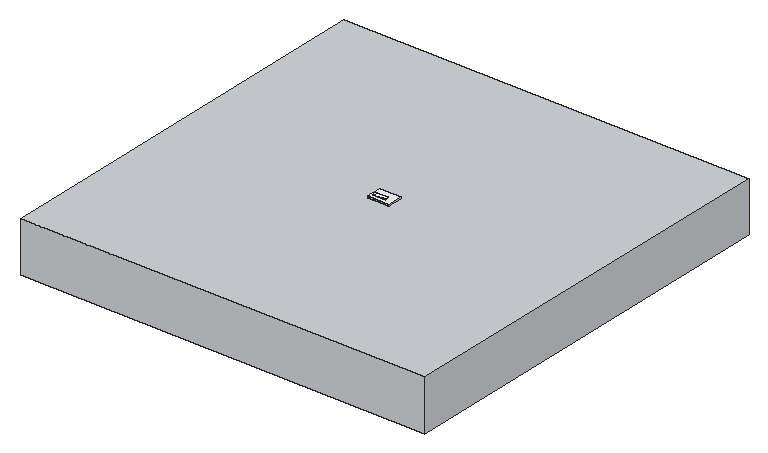
Revit family "Bticino_Hotel_UX_TOUCH_Keycard", category Equipement électrique, Revit 2020
Family settings
  Hôte = Face
  Configuration du panneau = Deux colonnes, circuits au sein
  Cote de connecteur circulaire = Utiliser le diamètre
  Type d'élément = Tableau de raccordement
  Couper avec des vides une fois chargée = Non
  Partagée = Non
  Point de calcul de pièce = Non
Parameters (values of type "Keycard White")
  Web configurator = "https://uxforupscalehotel.legrand.com"
  With room temperature controller = no
  With LED indication = yes
  URL = "http://www.legrandoc.com/FL4648W"
  Type of surface = "Brilliant"
  Supply frequency MIN-MAX ( Hz) = "0-0"
  Storage temperature MIN-MAX (°C) = "-20-70"
  Standby consuption (mA) = 12
  Programming way = "Computer"
  Programmable = yes
  Overall width = 129 mm
  Overall height = 93 mm
  Overall depth = 48 mm
  Other bus systems = "Other"
  Operating / setting temperature MIN-MAX (°C) = "0-40"
  Number of buttons = 2
  Mounting method = "Flush mounted (plaster)"
  Mounting bracket Ref 048779 [instance] = yes
  Modèle = "FL4648W"
  Material = LEGRAND - White plastic
  built-in parameter 1140140 [instance] = 1 (stored number, unit not read)
  General Conditions of Use = "https://export.legrand.com/en/terms-of-use-BIM-objects"
  Flush mount accessory Ref 048788 [instance] = not(Mounting bracket Ref 048779)  # no
  Fabricant = "Legrand"
  Elévation par défaut = 1300 mm
  Description = "key card holder SCS"
  Degree of protection (IP) = "IP20"
  Degree of impact strength (IK) = "IK02"
  built-in parameter 1140142 [instance] = -1
  Colour = "White"
  Built-in depth = 30 mm
  built-in parameter 1155100 [instance] = -1
  Addressable = yes
Types (5, lengths in mm): name | URL | Modèle | Material | Description | Colour
  (no name) | "http://www.legrandoc.com/FL4649W" | "FL4649W" | LEGRAND - White plastic | "key card reader SCS" | "White"
  Keycard Black | "http://www.legrandoc.com/FL4648" | "FL4648" | LEGRAND - Black plastic | "key card holder SCS" | "Black"
  Keycard Reader Black | "http://www.legrandoc.com/FL4649" | "FL4649" | LEGRAND - Black plastic | "key card reader SCS" | "Black"
  Keycard White | "http://www.legrandoc.com/FL4648W" | "FL4648W" | LEGRAND - White plastic | "key card holder SCS" | "White"
  Keycard Reader White | "http://www.legrandoc.com/FL4649W" | "FL4649W" | LEGRAND - White plastic | "key card reader SCS" | "White"
Reference planes
  plane 1 "Centre (avant/arrière)": y = 0
  plane 2: z = 0
  plane 3 "Centre (gauche/droite)": x = 0
Forms (mm)
  Extrusion 1, solid
    sketch origin (0, 0, 0) x (1, 0, 0) y (0, 1, 0)
      loop
        line (-1219.2, 1219.2) -> (-1219.2, -1219.2) -> (1219.2, -1219.2) -> (1219.2, 1219.2) -> (-1219.2, 1219.2)
    from 0 to -304.8
Dimensions and locks
  aligned and locked: plane 2 to Extrusion 1
  aligned and locked: level to Extrusion 1
Nested families
  nested 1: "TOUCH-Porte_Badge" at (0, 0, 0), type "TOUCH-Porte_Badge"
  nested 2: "Commande à badge SCS" at (0, 0, 0), type "Commande à badge SCS"
Connectors
  electrical at (0, 0, 0)
    settings: on nested 1, index 1, voltage 0 V, apparent load 0 VA, apparent load phase1 0 VA, apparent load phase2 0 VA, apparent load phase3 0 VA, power factor 1, load classification "Autre", number of poles 1, system type 30, power factor state 1, is connector primary yes, connector utility no, sub classification motor no, connector description ""
Definition of nested family "TOUCH-Porte_Badge"
  Parameters (values of type "TOUCH-Porte_Badge")
    Matériau = none
    Default Elevation = 0 mm
  Reference planes
    plane 1 "Centre (avant/arrière)": y = 0
    plane 2: z = 0
    plane 3 "Centre (gauche/droite)": x = 0
    plane 4: z = -5.9
    plane 5: z = -30.9
    plane 6: z = 18.1
    plane 7: x = 64.5
    plane 8: x = -64.5
    plane 9: y = 46.5
    plane 10: y = -46.5
    plane 11: x = 16.5
    plane 12: x = -16.5
    plane 13: z = 11.5
    plane 14: x = -49.5
    plane 15: x = 24.5
    plane 16: y = -21.5
    plane 17: x = 62.5
    plane 18: y = 44.5
    plane 19: x = -47.5
    plane 20: y = -6.794
  Forms (mm)
    Extrusion 1, solid, material <- "Matériau"
      sketch origin (0, 0, 0) x (0, -1, 0) y (1, 0, 0)
        loop
          line (-26.5, 26.5) -> (-26.5, -26.5) -> (26.5, -26.5) -> (26.5, 26.5) -> (-26.5, 26.5)
      from -5.9 to 0
    Extrusion 2, solid, material <- "Matériau"
      sketch origin (0, 0, 0) x (0, -1, 0) y (1, 0, 0)
        loop
          line (-16.5, 16.5) -> (-16.5, -16.5) -> (16.5, -16.5) -> (16.5, 16.5) -> (-16.5, 16.5)
      from -30.9 to -5.9
    Extrusion 3, solid, material <- "Matériau"
      sketch origin (0, 0, 0) x (1, 0, 0) y (0, 1, 0)
        loop
          line (-64.5, 46.5) -> (-64.5, -46.5) -> (64.5, -46.5) -> (64.5, 46.5) -> (-64.5, 46.5)
      from 0 to 11.5
    Sweep 4, void
      path origin (0, 0, 0) x (1, 0, 0) y (0, 1, 0)
        loop
          line (-64.5, 46.5) -> (-64.5, -46.5) -> (64.5, -46.5) -> (64.5, 46.5) -> (-64.5, 46.5)
      profile origin (0, 46.5, 0) x (0, 1, 0) y (0, 0, 1)
        loop
          arc (0, 11.5) -> (-1.004, 5.704) -> (-4.308, 0.837) r 13.947
          arc (-4.308, 0.837) -> (-5.255, 0.224) -> (-6.36, 0) r 3.03
          line (-6.36, 0) -> (-6.36, -5) -> (1.64, -5) -> (1.64, 11.5) -> (0, 11.5)
    Sweep 5, solid, material <- "Matériau"
      path origin (-25, 0, 0) x (-1, 0, 0) y (0, -1, 0)
        loop
          line (-49.5, 0) -> (24.5, 0)
      profile origin (-49.5, 0, 0) x (0, -1, 0) y (0, 0, 1)
        loop
          line (21.5, 11.5) -> (21.5, 14.8) -> (5, 18.1) -> (4.798, 17.09) -> (20.5, 13.949) -> (20.5, 12.5) -> (0, 12.5) -> (0, 11.5) -> (21.5, 11.5)
    Extrusion 6, void
      sketch origin (0, 0, 0) x (1, 0, 0) y (0, 1, 0)
        loop
          line (-47.5, -4.798) -> (-47.5, -2.71) -> (-50.941, -2.71) -> (-50.941, -6.794) -> (-49.5, -6.794)
          arc (-49.5, -6.794) -> (-48.913, -5.382) -> (-47.5, -4.798) r 2
      from 15.733 to 20.167
    Extrusion 7, void
      sketch origin (-25, 0, 0) x (-1, 0, 0) y (0, -1, 0)
        loop
          arc (-47.5, 4.798) -> (-48.913, 5.382) -> (-49.5, 6.794) r 2
          line (-49.5, 6.794) -> (-50.941, 6.794) -> (-50.941, 2.71) -> (-47.5, 2.71) -> (-47.5, 4.798)
      from 15.733 to 20.167
    Extrusion 8, void
      sketch origin (0, 4.798, 0) x (1, 0, 0) y (0, 1, 0)
        loop
          line (-47.5, -4.798) -> (-47.5, -2.71) -> (-50.941, -2.71) -> (-50.941, -6.794) -> (-49.5, -6.794)
          arc (-49.5, -6.794) -> (-48.913, -5.382) -> (-47.5, -4.798) r 2
      from 11.5 to 20.167
    Extrusion 9, void
      sketch origin (-25, 4.798, 0) x (-1, 0, 0) y (0, -1, 0)
        loop
          arc (-47.5, 4.798) -> (-48.913, 5.382) -> (-49.5, 6.794) r 2
          line (-49.5, 6.794) -> (-50.941, 6.794) -> (-50.941, 2.71) -> (-47.5, 2.71) -> (-47.5, 4.798)
      from 11.5 to 20.167
  Cuts and joins
    joined: Extrusion 1, Extrusion 2
    Sweep 4, Extrusion 6, Extrusion 9 cuts Extrusion 3
    Extrusion 6, Extrusion 7, Extrusion 8, Extrusion 9 cuts Sweep 5
  Lines and regions (mm)
    model lines
      curve 1: line (-49.5, 8.5, 0) -> (24.5, 8.5, 0)
  Dimensions and locks
    plane 8 to plane 7 = 129 mm
    plane 10 to plane 9 = 93 mm
    plane 12 to plane 11 = 33 mm
    plane 6 to plane 2 = 18.1 mm
    plane 5 to plane 4 to plane 2 to plane 6 = 25 mm, 5.9 mm, 18.1 mm
    plane 5 to plane 6 = 49 mm
    plane 2 to plane 13 = 11.5 mm
    plane 13 to plane 2 = 11.5 mm
    plane 10 to plane 16 to cut or joined group of Extrusion 1, Extrusion 2 = 25 mm, 5 mm
    aligned and locked: level to plane 2
Definition of nested family "Commande à badge SCS"
  Parameters (values of type "Commande à badge SCS")
    Matériau = none
    built-in parameter 1140140 [instance] = 1 (stored number, unit not read)
    Default Elevation = 0 mm
    built-in parameter 1140142 [instance] = -1
    built-in parameter 1155100 [instance] = -1
  Reference planes
    plane 1 "Centre (avant/arrière)": y = 0
    plane 2: z = 0
    plane 3 "Centre (gauche/droite)": x = 0
    plane 4: z = 11.5
    plane 5: x = -64.5
    plane 6: x = 64.5
    plane 7: y = 46.5
    plane 8: y = -46.5
  Lines and regions (mm)
    model lines
      curve 1: circle (44.5, 0, 11.5) r 4.251 normal (0, 0, 1)
      curve 2: arc (46, 1.751, 11.5) -> (44.5, 2.799, 11.5) -> (43, 1.751, 11.5) r 1.597
      curve 3: arc (44, -2.751, 11.5) -> (44.5, -3.262, 11.5) -> (45, -2.751, 11.5) r 0.5
      curve 4: arc (45.249, 30.25, 11.5) -> (43.249, 31.25, 11.5) -> (41.249, 30.25, 11.5) r 2.5
      curve 5: arc (47.4, 27.25, 11.5) -> (46.595, 26.676, 11.5) -> (46.249, 25.75, 11.5) r 1.69
      curve 6: arc (48.751, 25.75, 11.5) -> (48.405, 26.676, 11.5) -> (47.6, 27.25, 11.5) r 1.69
      curve 7: line (47.5, 3.012, 11.5) -> (41.5, -3.012, 11.5)
      curve 8: line (43, 1.751, 11.5) -> (42.5, -2.751, 11.5)
      curve 9: line (42.5, -2.751, 11.5) -> (46.5, -2.751, 11.5)
      curve 10: line (46.5, -2.751, 11.5) -> (46, 1.751, 11.5)
      curve 11: line (-15.5, 6.5, 11.5) -> (-12.5, 2.5, 11.5)
      curve 12: line (-12.5, 2.5, 11.5) -> (-9.5, 6.5, 11.5)
      curve 13: line (46.249, 30.25, 11.5) -> (40.249, 30.25, 11.5)
      curve 14: line (40.249, 30.25, 11.5) -> (41.749, 23.25, 11.5)
      curve 15: line (41.749, 23.25, 11.5) -> (44.749, 23.25, 11.5)
      curve 16: line (44.749, 23.25, 11.5) -> (46.249, 30.25, 11.5)
      curve 17: line (47.6, 27.25, 11.5) -> (47.6, 33.25, 11.5)
      curve 18: line (47.6, 33.25, 11.5) -> (47.4, 33.25, 11.5)
      curve 19: line (47.4, 33.25, 11.5) -> (47.4, 27.25, 11.5)
      curve 20: line (46.249, 25.75, 11.5) -> (46.249, 23.25, 11.5)
      curve 21: line (46.249, 23.25, 11.5) -> (48.751, 23.25, 11.5)
      curve 22: line (48.751, 23.25, 11.5) -> (48.751, 25.75, 11.5)
      curve 23: line (-15.5, 9.5, 11.5) -> (-12.5, 5.5, 11.5)
      curve 24: line (-12.5, 5.5, 11.5) -> (-9.5, 9.5, 11.5)
      curve 25: line (-15.5, 12.5, 11.5) -> (-12.5, 8.5, 11.5)
      curve 26: line (-12.5, 8.5, 11.5) -> (-9.5, 12.5, 11.5)
  Dimensions and locks
    plane 5 to plane 6 = 129 mm
    plane 8 to plane 7 = 93 mm
    aligned and locked: level to plane 2
